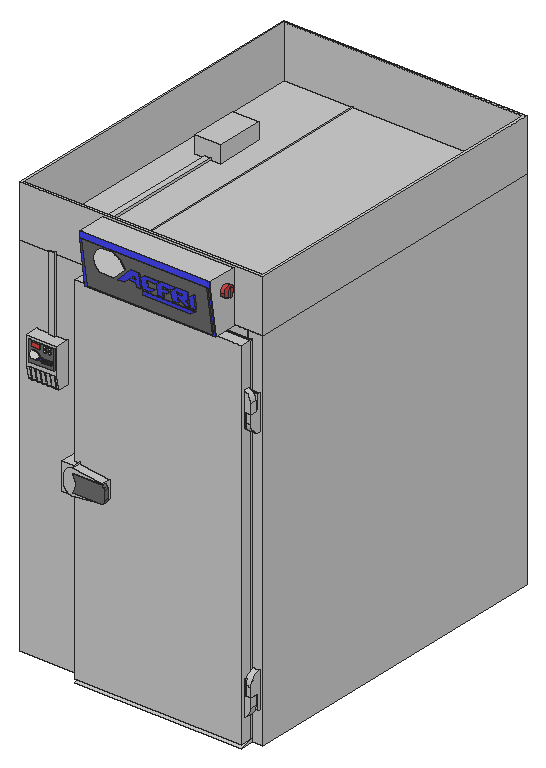
Revit family "QF_ACFRI_AR320-P850.190709093044", category Specialty Equipment, Revit 2016
Family settings
  Part Type = Normal
  Round Connector Dimension = Use Diameter
  OmniClass Number = 23.40.40.14
  OmniClass Title = Food Service Equipment
  Work Plane-Based = No
  Always vertical = Yes
  Cut with Voids When Loaded = No
  Shared = No
  Room Calculation Point = No
Parameters (values of type "AR320-P850_400V/0Ph/50Hz")
  URL catalogue = ""
  URL = "www.acfri.com"
  Type de Raccord Electrique [instance] = ""
  Type article [instance] = ""
  Tension = 400 V
  Status [instance] = ""
  Spécification technique = ""
  Spécification du Fabricant [instance] = ""
  Spécification de l'Utilisateur [instance] = ""
  SMACNA No spécifique pour les matériaux  Etats Unis = ""
  Quantité par lot [instance] = no
  Puissance électrique  = 17422 W
  Puissance en CV = ""
  Puissance Apparente = 17422 VA
  Protection de l'Appareil = 0 A
  Profondeur hors tout = 1780 mm
  Poids net à vide = 0.00 kg
  Phase = 1
  Numéro de Série = ""
  Nombres de Pôles = 1
  Nombre d'identification NAFEM = ""
  Model = "AR320-P850"
  Manufacturer = "ACFRI"
  Longueur hors tout = 1310 mm
  Intensité nominale courant electrique = 11 A
  Installé Par [instance] = ""
  Identifiant Equipement [instance] = no
  Hauteur hors tout = 2270 mm
  Hauteur de Raccordement du Sol Finis [instance] = 2032 mm
  Hauteur de Raccordement du Sol Brut [instance] = 0 mm
  Fréquence = 50 Hz
  Fournis Par [instance] = ""
  Description = "GROUPE À AIR À DISTANCE BASIC"
  Câble de connexion à l'appareil inclus = no
  Cost = 0
  Consommation d'énergie minimale = 0 A
  Connexion prise électrique  = ""
  Code de Révision [instance] = ""
  Classification dans le projet = ""
  Classement sismique = ""
  Accessoires = no
Reference planes
  plane 1 "Centre (avant/arrière)": y = 0
  plane 2: z = 0
  plane 3 "Centre (gauche/droite)": x = 0
Forms (mm)
  Extrusion 1, solid, not visible
    sketch origin (177, -474, 2031) x (1, 0, 0) y (0, 1, 0)
      loop
        line (0, 0) -> (2, 0) -> (2, 2) -> (0, 2) -> (0, 0)
    from 0 to 2
Dimensions and locks
  aligned and locked: level to plane 2
Nested families
  nested 1: "QF_ACFRI_AR320-P850_400V_0Ph_50Hz" at (0, 0, 0), type "AR320-P850_400V/0Ph/50Hz"
    with Show Logo yes, Show Clearance yes
  nested 2: "QF_ACFRI_AR160-STD_DOOR_RX" at (0, -635, 0), type "AR160-STD_DOOR_RX"
    with Show Logo yes, Show Clearance yes
Connectors
  electrical at (178, -472, 2032), driven by "Puissance Apparente", driven by "Nombres de Pôles", driven by "Tension"
    settings: on Extrusion 1, index 1, voltage 400 V, apparent load 0 VA, apparent load phase1 17422 VA, apparent load phase2 0 VA, apparent load phase3 0 VA, power factor 1, load classification "Other", number of poles 1, system type 31, power factor state 1, is connector primary yes, connector utility no, sub classification motor no, connector description "Electric connection for 'AR320-P850'"
Definition of nested family "QF_ACFRI_AR320-P850_400V_0Ph_50Hz"
  Parameters (values of type "AR320-P850_400V/0Ph/50Hz")
    URL = "www.acfri.com"
    Show Logo [instance] = yes
    Show Clearance [instance] = yes
    Model = "AR320-P850"
    Manufacturer = "ACFRI"
    Description = "BASIC REMOTE AIR COOLED CONDENSING UNIT"
    Assembly Code = "E1090320"
  Reference planes
    plane 1 "Back": y = 0
    plane 2: z = 0
    plane 3 "Left": x = 0
    plane 4 "Right": x = 1310
    plane 5 "Front": y = -1780
    plane 6 "Top": z = 2270
  Forms (mm)
    Extrusion 1, solid
      sketch origin (0, 0, -150) x (0, 1, 0) y (0, 0, 1)
        loop
          line (0, 2137.146) -> (-1780, 2137.146) -> (-1780, 150) -> (0, 150) -> (0, 2137.146)
      from 0 to 378.525
    Extrusion 2, solid
      sketch origin (435.596, -1079.562, 360.649) x (0, 1, 0) y (0, 0, 1)
        loop
          line (-860.438, 1899.473) -> (-860.438, 1866.552) -> (-820.062, 1616.095) -> (-700.438, 1616.095) -> (-700.438, 1899.473) -> (-860.438, 1899.473)
      from 12.404 to 717.404
    Extrusion 3, solid
      sketch origin (0, -1079.562, -150) x (1, 0, 0) y (0, 0, 1)
        loop
          line (353.044, 2098.234) -> (353.044, 167.649) -> (1253.452, 167.649) -> (1253.452, 2098.234) -> (353.044, 2098.234)
        loop
          line (378.525, 2072.928) -> (378.525, 187.955) -> (1227.971, 187.955) -> (1227.971, 2072.928) -> (378.525, 2072.928)
      from 700.438 to 711.223
    Extrusion 4, solid
      sketch origin (1248.08, 0, -150) x (0, 1, 0) y (0, 0, 1)
        loop
          line (0, 2137.146) -> (-1780, 2137.146) -> (-1780, 150) -> (0, 150) -> (0, 2137.146)
      from -20.109 to 61.92
    Extrusion 5, solid
      sketch origin (0, 0, -150) x (0, 1, 0) y (0, 0, 1)
        loop
          line (-1780, 2137.146) -> (-1780, 2072.928) -> (-68.458, 2072.928) -> (-68.458, 167) -> (-1780, 167) -> (-1780, 150) -> (0, 150) -> (0, 2137.146) -> (-1780, 2137.146)
      from 378.525 to 1227.971
    Extrusion 6, solid
      sketch origin (435.596, -1079.562, 360.649) x (0, 1, 0) y (0, 0, 1)
        loop
          circle (-764.498, 1820.753) r 30.24
      from 717.404 to 742.404
    Extrusion 7, solid
      sketch origin (435.596, -1079.562, 360.649) x (0, 1, 0) y (0, 0, 1)
        loop
          line (-759.416, 1843.51) -> (-767.3, 1843.902) -> (-769.581, 1797.996) -> (-761.696, 1797.604) -> (-759.416, 1843.51)
      from 742.404 to 757.404
    Extrusion 8, solid
      sketch origin (435.596, -1079.562, 360.649) x (0, 1, 0) y (0, 0, 1)
        loop
          line (-860.438, 1866.552) -> (-862.464, 1866.552) -> (-823.174, 1622.834) -> (-821.149, 1622.834) -> (-860.438, 1866.552)
      from 26.504 to 703.304
    Extrusion 9, solid
      sketch origin (435.596, -1079.562, 360.649) x (0, 1, 0) y (0, 0, 1)
        loop
          line (-859.438, 1899.473) -> (-861.438, 1899.473) -> (-861.438, 1866.392) -> (-821.088, 1616.095) -> (-819.062, 1616.095) -> (-859.438, 1866.552) -> (-859.438, 1899.473)
      from 12.404 to 717.404
    Extrusion 10, solid, visible <- "Show Logo"
      sketch origin (488.105, -1859.491, 1721.514) x (1, 0, 0) y (0, -0.159156, 0.987253)
        loop
          line (129.695, 367.647) -> (196.524, 434.476)
          arc (196.524, 434.476) -> (78.635, 500.079) -> (52.881, 367.647) r 83.333
          line (52.881, 367.647) -> (129.695, 367.647)
      from 0 to 2.5
    Extrusion 11, solid, visible <- "Show Logo"
      sketch origin (323.066, -1859.491, 1721.514) x (1, 0, 0) y (0, -0.159156, 0.987253)
        loop
          line (318.631, 367.647) -> (353.299, 367.647) -> (418.664, 433.012) -> (418.664, 406.346) -> (398.768, 406.346) -> (383.537, 391.115) -> (418.664, 391.115) -> (418.664, 367.647) -> (441.167, 367.647) -> (441.167, 447.647) -> (398.631, 447.647) -> (318.631, 367.647)
        loop
          line (448.944, 367.647) -> (493.774, 367.647) -> (521.549, 389.347) -> (479.182, 389.347) -> (479.182, 425.709) -> (524.998, 425.709) -> (553.077, 447.647) -> (475.047, 447.647) -> (448.944, 427.254) -> (448.944, 367.647)
        loop
          line (532.515, 367.647) -> (565.319, 367.647) -> (565.319, 394.314) -> (583.754, 394.314) -> (607.252, 414.031) -> (565.319, 414.031) -> (565.319, 425.49) -> (611.115, 425.49) -> (639.475, 447.647) -> (562.906, 447.647) -> (532.515, 422.146) -> (532.515, 367.647)
        loop
          line (611.712, 367.647) -> (644.318, 367.647) -> (644.318, 395.695) -> (682.923, 367.647) -> (702.113, 367.647) -> (702.113, 386.053) -> (689.341, 396.77) -> (702.113, 406.748) -> (702.113, 447.647) -> (647.314, 447.647) -> (611.712, 417.774) -> (611.712, 367.647)
        loop
          line (644.318, 425.49) -> (644.318, 414.031) -> (672.553, 414.031) -> (672.553, 425.49) -> (644.318, 425.49)
        loop
          line (708.789, 367.647) -> (739.436, 367.647) -> (739.436, 447.647) -> (708.789, 423.703) -> (708.789, 367.647)
        loop
          line (448.944, 360.305) -> (448.944, 337.873) -> (706.045, 337.873) -> (739.301, 360.305) -> (448.944, 360.305)
      from 0 to 2.5
    Extrusion 12, solid
      sketch origin (0, 0, 363.091) x (1, 0, 0) y (0, 1, 0)
        loop
          line (0, 0) -> (0, -1780) -> (1310, -1780) -> (1310, 0) -> (0, 0)
        loop
          line (10, -10) -> (10, -1770) -> (1300, -1770) -> (1300, -10) -> (10, -10)
      from 1624.055 to 1906.909
    Extrusion 13, solid
      sketch origin (0, -795, 0) x (0, 1, 0) y (0, 0, 1)
        loop
          line (-985, 0) -> (-985, 17) -> (-1055, 0) -> (-985, 0)
      from 353.044 to 1253.452
    Extrusion 14, solid
      sketch origin (0, 0, 0) x (1, 0, 0) y (0, 1, 0)
        loop
          line (365.002, 35) -> (365.002, 0) -> (435.123, 0) -> (435.123, 35) -> (365.002, 35)
        loop
          line (1192.879, 35) -> (1192.879, 0) -> (1263, 0) -> (1263, 35) -> (1192.879, 35)
      from 0 to 2070
    Extrusion 15, solid
      sketch origin (0, -670, 0) x (1, 0, 0) y (0, 0, 1)
        loop
          line (163.379, 1997.56) -> (163.379, 1594.193) -> (193.078, 1594.193) -> (193.078, 1997.56) -> (163.379, 1997.56)
      from 1110 to 1120.414
    Extrusion 16, solid
      sketch origin (0, -670, 0) x (0, 1, 0) y (0, 0, 1)
        loop
          line (-1110, 1594.193) -> (-1180, 1594.193) -> (-1180, 1444.978) -> (-1169, 1383.958) -> (-1169, 1378.958) -> (-1110, 1378.958) -> (-1110, 1594.193)
      from 91.465 to 255.957
    Extrusion 17, void
      sketch origin (0, -635, 0) x (1, 0, 0) y (0, 0, 1)
        loop
          line (110.072, 1444.978) -> (110.072, 1378.958) -> (115.036, 1378.958) -> (115.036, 1444.978) -> (110.072, 1444.978)
        loop
          line (136.342, 1444.978) -> (136.342, 1378.958) -> (141.306, 1378.958) -> (141.306, 1444.978) -> (136.342, 1444.978)
        loop
          line (162.612, 1444.978) -> (162.612, 1378.958) -> (167.575, 1378.958) -> (167.575, 1444.978) -> (162.612, 1444.978)
        loop
          line (188.881, 1444.978) -> (188.881, 1378.958) -> (193.845, 1378.958) -> (193.845, 1444.978) -> (188.881, 1444.978)
        loop
          line (215.151, 1444.978) -> (215.151, 1378.958) -> (220.115, 1378.958) -> (220.115, 1444.978) -> (215.151, 1444.978)
        loop
          line (241.421, 1444.978) -> (241.421, 1378.958) -> (246.384, 1378.958) -> (246.384, 1444.978) -> (241.421, 1444.978)
      from 1200.255 to 1243.146
    Extrusion 18, solid
      sketch origin (0, -2739.193, 877.146) x (1, 0, 0) y (0, 1, 0)
        loop
          line (163.379, 2001.744) -> (163.379, 969.193) -> (193.078, 969.193) -> (193.078, 2001.744) -> (163.379, 2001.744)
      from 1110 to 1120.414
    Extrusion 19, solid
      sketch origin (0, 0, 0) x (1, 0, 0) y (0, 1, 0)
        loop
          line (108.228, -737.449) -> (248.228, -737.449) -> (248.228, -477.449) -> (108.228, -477.449) -> (108.228, -737.449)
      from 1987.146 to 2077.146
    Extrusion 20, solid
      sketch origin (0, -472.449, 0) x (1, 0, 0) y (0, 0, 1)
        loop
          circle (178.228, 2032.146) r 5
      from 0 to 5
    Extrusion 21, solid
      sketch origin (12.756, -1850, 1122.716) x (1, 0, 0) y (0, 0, 1)
        loop
          line (93.554, 456.477) -> (93.554, 347.31) -> (228.354, 347.31) -> (228.354, 456.477) -> (93.554, 456.477)
      from 0 to 2
    Extrusion 22, solid
      sketch origin (12.756, -1850, 1122.716) x (1, 0, 0) y (0, 0, 1)
        loop
          line (108.554, 446.477) -> (108.554, 426.477) -> (153.209, 426.477) -> (153.209, 446.477) -> (108.554, 446.477)
      from 0 to 2.5
    Extrusion 23, solid
      sketch origin (12.756, -1850, 1122.716) x (1, 0, 0) y (0, 0, 1)
        loop
          circle (180.595, 446.477) r 7.041
        loop
          circle (205.595, 446.477) r 6.977
        loop
          circle (180.595, 426.477) r 6.969
        loop
          circle (205.595, 426.477) r 6.966
      from 0 to 2.5
    Extrusion 24, solid, visible <- "Show Logo"
      sketch origin (12.756, -1850, 1122.716) x (1, 0, 0) y (0, 0, 1)
        loop
          arc (151.176, 389.128) -> (113.283, 410.215) -> (105.005, 367.647) r 26.786
          line (105.005, 367.647) -> (129.695, 367.647) -> (151.176, 389.128)
      from 0 to 2.5
    Extrusion 25, solid, visible <- "Show Logo"
      sketch origin (12.756, -1850, 1122.716) x (1, 0, 0) y (0, 0, 1)
        loop
          line (137.376, 372.576) -> (143.877, 372.576) -> (156.132, 384.832) -> (156.132, 379.832) -> (152.402, 379.832) -> (149.546, 376.976) -> (156.132, 376.976) -> (156.132, 372.576) -> (160.352, 372.576) -> (160.352, 387.576) -> (152.376, 387.576) -> (137.376, 372.576)
        loop
          line (161.81, 372.576) -> (170.216, 372.576) -> (175.423, 376.645) -> (167.48, 376.645) -> (167.48, 383.463) -> (176.07, 383.463) -> (181.335, 387.576) -> (166.704, 387.576) -> (161.81, 383.752) -> (161.81, 372.576)
        loop
          line (177.48, 372.576) -> (183.63, 372.576) -> (183.63, 377.576) -> (187.087, 377.576) -> (191.493, 381.273) -> (183.63, 381.273) -> (183.63, 383.421) -> (192.217, 383.421) -> (197.534, 387.576) -> (183.178, 387.576) -> (177.48, 382.794) -> (177.48, 372.576)
        loop
          line (192.329, 372.576) -> (198.443, 372.576) -> (198.443, 377.835) -> (205.681, 372.576) -> (209.279, 372.576) -> (209.279, 376.027) -> (206.884, 378.036) -> (209.279, 379.907) -> (209.279, 387.576) -> (199.004, 387.576) -> (192.329, 381.975) -> (192.329, 372.576)
        loop
          line (198.443, 383.421) -> (198.443, 381.273) -> (203.737, 381.273) -> (203.737, 383.421) -> (198.443, 383.421)
        loop
          line (210.531, 372.576) -> (216.277, 372.576) -> (216.277, 387.576) -> (210.531, 383.086) -> (210.531, 372.576)
        loop
          line (161.81, 371.199) -> (161.81, 366.993) -> (210.016, 366.993) -> (216.252, 371.199) -> (161.81, 371.199)
      from 0 to 2.5
  Cuts and joins
    Extrusion 17 cuts Extrusion 16
  Lines and regions (mm)
    symbolic lines
      curve 1: line (0, 0, 0) -> (1310, 0, 0)
      curve 2: line (0, -1780, 0) -> (0, 0, 0)
      curve 3: line (1310, -1780, 0) -> (0, -1780, 0)
      curve 4: line (1310, 0, 0) -> (1310, -1780, 0)
      curve 5: line (448, -1780, 0) -> (448, -1940, 0)
      curve 6: line (448, -1940, 0) -> (1153, -1940, 0)
      curve 7: line (1153, -1940, 0) -> (1153, -1780, 0)
      curve 8: line (1178, -1813.82, 0) -> (1153, -1813.82, 0)
      curve 9: line (1178, -1813.82, 0) -> (1178, -1874.3, 0)
      curve 10: line (1178, -1874.3, 0) -> (1153, -1874.3, 0)
      curve 11: line (1193, -1849.142, 0) -> (1193, -1838.977, 0)
      curve 12: line (1193, -1838.977, 0) -> (1178, -1838.977, 0)
      curve 13: line (1193, -1849.142, 0) -> (1178, -1849.142, 0)
      curve 14: line (10, -10, 0) -> (1300, -10, 0)
      curve 15: line (10, -1770, 0) -> (10, -10, 0)
      curve 16: line (1300, -1770, 0) -> (10, -1770, 0)
      curve 17: line (1300, -10, 0) -> (1300, -1770, 0)
      curve 18: line (353.044, -1780, 0) -> (353.044, -1850, 0)
      curve 19: line (1265.561, -1780, 0) -> (1265.561, -1850, 0)
      curve 20: line (353.044, -1850, 0) -> (448, -1850, 0)
      curve 21: line (1265.561, -1850, 0) -> (1178, -1850, 0)
      curve 22: line (365.002, 35, 0) -> (435.123, 35, 0)
      curve 23: line (435.123, 35, 0) -> (435.123, 0, 0)
      curve 24: line (365.002, 35, 0) -> (365.002, 0, 0)
      curve 25: line (1192.879, 35, 0) -> (1263, 35, 0)
      curve 26: line (1263, 35, 0) -> (1263, 0, 0)
      curve 27: line (1192.879, 35, 0) -> (1192.879, 0, 0)
      curve 28: line (91.465, -1850, 0) -> (91.465, -1780, 0)
      curve 29: line (255.957, -1850, 0) -> (255.957, -1780, 0)
      curve 30: line (91.465, -1850, 0) -> (255.957, -1850, 0)
      curve 31: line (108.228, -477.449, 0) -> (248.228, -477.449, 0)
      curve 32: line (108.228, -737.449, 0) -> (108.228, -477.449, 0)
      curve 33: line (248.228, -737.449, 0) -> (108.228, -737.449, 0)
      curve 34: line (248.228, -477.449, 0) -> (248.228, -737.449, 0)
      curve 35: line (163.379, -737.449, 0) -> (163.379, -1770, 0)
      curve 36: line (193.078, -1770, 0) -> (193.078, -737.449, 0)
  Dimensions and locks
    plane 3 "Left" to plane 4 "Right" = 1310 mm
    plane 5 "Front" to plane 1 "Back" = 1780 mm
    plane 6 "Top" to level = 2270 mm
    aligned and locked: level to plane 2
  Connectors
    electrical at (178.228, -472.449, 2032.146)
      settings: on Extrusion 20, index 2, voltage 0 V, apparent load 0 VA, apparent load phase1 0 VA, apparent load phase2 0 VA, apparent load phase3 0 VA, power factor 1, load classification none, number of poles 1, system type 31, power factor state 1, is connector primary yes, connector utility no, sub classification motor no, connector description "Electrical connection"
Definition of nested family "QF_ACFRI_AR160-STD_DOOR_RX"
  Parameters (values of type "AR160-STD_DOOR_RX")
    URL catalogue [instance] = ""
    URL = "www.acfri.com"
    Status [instance] = ""
    Spécification technique [instance] = ""
    Spécification du Fabricant [instance] = ""
    Spécification de l'Utilisateur [instance] = ""
    Show Logo [instance] = yes
    Show Clearance [instance] = yes
    SMACNA No spécifique pour les matériaux  Etats Unis [instance] = ""
    Quantité par lot [instance] = no
    Profondeur hors tout [instance] = 60 mm
    Poids net à vide [instance] = 0.00 kg
    Numéro de Série [instance] = ""
    Nombre d'identification NAFEM [instance] = ""
    Model = "AR160-STD_DOOR_RX"
    Manufacturer = "ACFRI"
    Longueur hors tout [instance] = 900 mm
    Installé Par [instance] = ""
    Identifiant Equipement [instance] = no
    Hauteur hors tout [instance] = 1930 mm
    Fournis Par [instance] = ""
    Description = "PORTE AVEC OUVERTURE DROITE"
    Cost = 0
    Code de Révision [instance] = ""
    Classification dans le projet [instance] = ""
    Classement sismique [instance] = ""
    Assembly Code = "E1090320"
    Accessoires [instance] = yes
  Reference planes
    plane 1 "Back": y = 0
    plane 2: z = 0
    plane 3 "Left": x = 0
    plane 4 "Right": x = 1310
    plane 5 "Front": y = -1145
    plane 6 "Top": z = 2270
  Forms (mm)
    Extrusion 1, solid
      sketch origin (0, -444.562, -150) x (1, 0, 0) y (0, 0, 1)
        loop
          line (353.044, 2098.234) -> (353.044, 167.649) -> (1253.452, 167.649) -> (1253.452, 2098.234) -> (353.044, 2098.234)
        loop
          line (378.525, 2072.928) -> (378.525, 187.955) -> (1227.971, 187.955) -> (1227.971, 2072.928) -> (378.525, 2072.928)
      from 700.438 to 711.223
    Extrusion 2, solid
      sketch origin (277.892, -160, 0) x (1, 0, 0) y (0, 0, 1)
        loop
          line (75.152, 1948.234) -> (75.152, 17.649) -> (975.561, 17.649) -> (975.561, 1948.234) -> (75.152, 1948.234)
      from 995.785 to 1055
    Extrusion 3, solid
      sketch origin (425.137, -160, 0) x (1, 0, 0) y (0, 0, 1)
        loop
          line (113.468, 1049.125) -> (-48.815, 1069.051)
          arc (-48.815, 1069.051) -> (-79.244, 1056.446) -> (-91.848, 1026.017) r 43.033
          line (-91.848, 1026.017) -> (-91.848, 978.102)
          arc (-91.848, 978.102) -> (-79.244, 947.673) -> (-48.815, 935.069) r 43.033
          line (-48.815, 935.069) -> (113.468, 954.995) -> (113.468, 1049.125)
      from 1055.785 to 1105.372
    Extrusion 4, solid
      sketch origin (425.137, -1271.785, 0) x (1, 0, 0) y (0, 0, 1)
        loop
          arc (134.453, 1025.73) -> (127.816, 1041.753) -> (111.793, 1048.39) r 22.66
          line (111.793, 1048.39) -> (-40.547, 1048.39)
          arc (-40.547, 1048.39) -> (-24.991, 1002.06) -> (-40.547, 955.73) r 76.77
          line (-40.547, 955.73) -> (111.793, 955.73)
          arc (111.793, 955.73) -> (127.816, 962.367) -> (134.453, 978.39) r 22.66
          line (134.453, 978.39) -> (134.453, 1025.73)
      from -19.846 to 0.154
    Extrusion 5, solid
      sketch origin (506.59, 30, 0) x (0, 1, 0) y (0, 0, 1)
        loop
          line (-1175, 1703.284) -> (-1185, 1703.284) -> (-1185, 1623.308) -> (-1233.008, 1623.308) -> (-1233.008, 1571.46)
          arc (-1233.008, 1571.46) -> (-1216.018, 1530.442) -> (-1175, 1513.452) r 58.008
          line (-1175, 1513.452) -> (-1175, 1703.284)
      from 756.862 to 786.362
    Extrusion 6, solid
      sketch origin (78.452, -1959.87, 3246.615) x (-1, 0, 0) y (0, 0, 1)
        loop
          line (-1175, -1703.284) -> (-1175, -1516.484)
          arc (-1175, -1516.484) -> (-1203.601, -1537.613) -> (-1214.5, -1571.46) r 58.008
          line (-1214.5, -1571.46) -> (-1214.5, -1623.308) -> (-1185, -1623.308) -> (-1185, -1703.284) -> (-1175, -1703.284)
      from 756.862 to 786.362
    Extrusion 7, solid
      sketch origin (506.59, 30, 1875.101) x (0, 1, 0) y (0, 0, 1)
        loop
          line (-1175, -1703.284) -> (-1175, -1513.452)
          arc (-1175, -1513.452) -> (-1216.018, -1530.442) -> (-1233.008, -1571.46) r 58.008
          line (-1233.008, -1571.46) -> (-1233.008, -1623.308) -> (-1185, -1623.308) -> (-1185, -1703.284) -> (-1175, -1703.284)
      from 756.862 to 786.362
    Extrusion 8, solid
      sketch origin (78.452, -1959.87, -1371.514) x (-1, 0, 0) y (0, 0, 1)
        loop
          line (-1175, 1703.284) -> (-1185, 1703.284) -> (-1185, 1623.308) -> (-1214.5, 1623.308) -> (-1214.5, 1571.46)
          arc (-1214.5, 1571.46) -> (-1203.601, 1537.613) -> (-1175, 1516.484) r 58.008
          line (-1175, 1516.484) -> (-1175, 1703.284)
      from 756.862 to 786.362
    Extrusion 9, solid
      sketch origin (308.605, -160, 0) x (1, 0, 0) y (0, 0, 1)
        loop
          line (67.717, 1069.051) -> (67.717, 1074.051) -> (0, 1074.051) -> (0, 930.069) -> (67.717, 930.069) -> (67.717, 935.069)
          arc (67.717, 935.069) -> (37.288, 947.673) -> (24.684, 978.102) r 43.033
          line (24.684, 978.102) -> (24.684, 1026.017)
          arc (24.684, 1026.017) -> (37.288, 1056.446) -> (67.717, 1069.051) r 43.033
      from 985 to 1091.939
    Extrusion 10, solid, visible <- "Show Clearance", detail levels coarse
      sketch origin (277.892, -160, 0) x (1, 0, 0) y (0, 1, 0)
        loop
          line (975.561, -1055) -> (54.019, -1055)
          arc (54.019, -1055) -> (303.054, -1685.058) -> (915.561, -1974.586) r 921.542
          line (915.561, -1974.586) -> (975.561, -1974.586) -> (975.561, -1055)
      from 17.649 to 1948.234
  Lines and regions (mm)
    symbolic lines, visible <- "Show Clearance"
      curve 1: line (1253.452, -2134.586, 0) -> (1253.452, -1215, 0)
      curve 2: line (1193.452, -2134.586, 0) -> (1253.452, -2134.586, 0)
      curve 3: line (1193.452, -2134.586, 0) -> (1193.452, -1215, 0)
      curve 4: arc (331.911, -1215, 0) -> (580.945, -1845.058, 0) -> (1193.452, -2134.586, 0) r 921.542
  Dimensions and locks
    plane 3 "Left" to plane 4 "Right" = 1310 mm
    plane 5 "Front" to plane 1 "Back" = 1145 mm
    plane 6 "Top" to level = 2270 mm
    aligned and locked: level to plane 2
